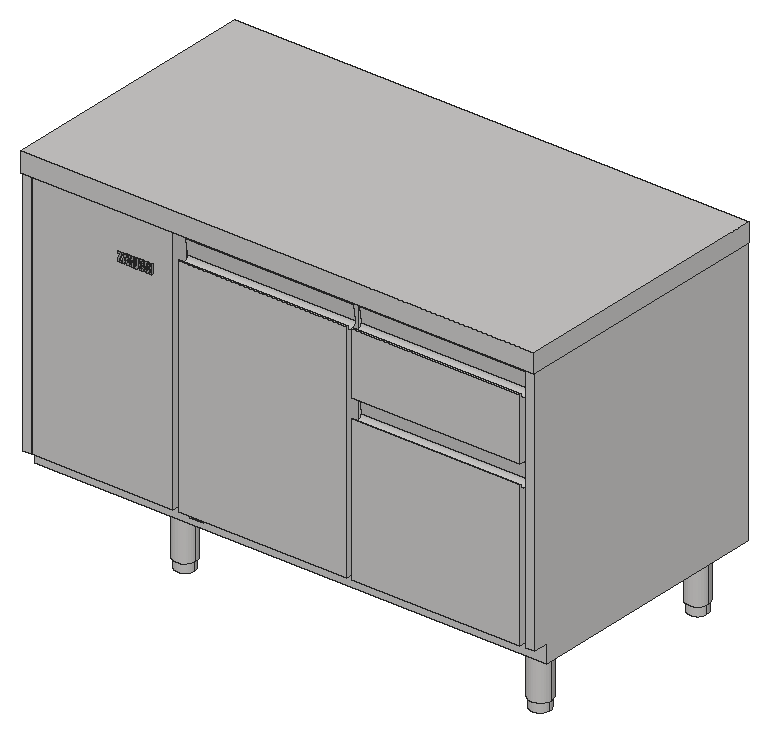
Revit family "QF_ZANUSSI_111029_ZH2HBAD", category Specialty Equipment, Revit 2018 (continued)
Definition of nested family "ZAN_Cooling Unit"
  Lines and regions (mm)
    Split face 124
      outline origin (55.016, 2, -233.126) x (0, 0, 1) y (-1, 0, 0)
        loop
          arc (502.647, 116.535) -> (506.648, 112.533) -> (510.649, 116.535) r 4.001
          line (510.649, 116.535) -> (510.649, 158.547)
    Split face 125
      outline origin (55.016, 2, -245.129) x (0, 0, 1) y (-1, 0, 0)
        loop
          arc (510.649, 158.547) -> (506.648, 162.548) -> (502.647, 158.547) r 4.001
          line (502.647, 158.547) -> (502.647, 116.535)
          arc (502.647, 116.535) -> (506.648, 112.533) -> (510.649, 116.535) r 4.001
          line (510.649, 116.535) -> (510.649, 158.547)
    Split face 126
      outline origin (55.016, 2, -257.133) x (0, 0, 1) y (-1, 0, 0)
        loop
          arc (510.649, 158.547) -> (506.648, 162.548) -> (502.647, 158.547) r 4.001
          line (502.647, 158.547) -> (502.647, 116.535)
          arc (502.647, 116.535) -> (506.648, 112.533) -> (510.649, 116.535) r 4.001
          line (510.649, 116.535) -> (510.649, 158.547)
    Split face 127
      outline origin (55.016, 2, -269.136) x (0, 0, 1) y (-1, 0, 0)
        loop
          arc (510.649, 158.547) -> (506.648, 162.548) -> (502.647, 158.547) r 4.001
          line (502.647, 158.547) -> (502.647, 116.535)
          arc (502.647, 116.535) -> (506.648, 112.533) -> (510.649, 116.535) r 4.001
          line (510.649, 116.535) -> (510.649, 158.547)
    Split face 128
      outline origin (55.016, 2, -281.14) x (0, 0, 1) y (-1, 0, 0)
        loop
          arc (510.649, 158.547) -> (506.648, 162.548) -> (502.647, 158.547) r 4.001
          line (502.647, 158.547) -> (502.647, 116.535)
          arc (502.647, 116.535) -> (506.648, 112.533) -> (510.649, 116.535) r 4.001
          line (510.649, 116.535) -> (510.649, 158.547)
    Split face 129
      outline origin (55.016, 2, -293.144) x (0, 0, 1) y (-1, 0, 0)
        loop
          arc (510.649, 158.547) -> (506.648, 162.548) -> (502.647, 158.547) r 4.001
          line (502.647, 158.547) -> (502.647, 116.535)
          arc (502.647, 116.535) -> (506.648, 112.533) -> (510.649, 116.535) r 4.001
          line (510.649, 116.535) -> (510.649, 158.547)
    Split face 130
      outline origin (110.032, 2, -113.091) x (0, 0, 1) y (-1, 0, 0)
        loop
          arc (510.649, 158.547) -> (506.648, 162.548) -> (502.647, 158.547) r 4.001
          line (502.647, 158.547) -> (502.647, 116.535)
          arc (502.647, 116.535) -> (506.648, 112.533) -> (510.649, 116.535) r 4.001
          line (510.649, 116.535) -> (510.649, 158.547)
    Split face 131
      outline origin (110.032, 2, -125.094) x (0, 0, 1) y (-1, 0, 0)
        loop
          arc (510.649, 158.547) -> (506.648, 162.548) -> (502.647, 158.547) r 4.001
          line (502.647, 158.547) -> (502.647, 116.535)
          arc (502.647, 116.535) -> (506.648, 112.533) -> (510.649, 116.535) r 4.001
          line (510.649, 116.535) -> (510.649, 158.547)
    Split face 132
      outline origin (110.032, 2, -137.098) x (0, 0, 1) y (-1, 0, 0)
        loop
          arc (510.649, 158.547) -> (506.648, 162.548) -> (502.647, 158.547) r 4.001
          line (502.647, 158.547) -> (502.647, 116.535)
          arc (502.647, 116.535) -> (506.648, 112.533) -> (510.649, 116.535) r 4.001
          line (510.649, 116.535) -> (510.649, 158.547)
    Split face 133
      outline origin (110.032, 2, -149.101) x (0, 0, 1) y (-1, 0, 0)
        loop
          arc (510.649, 158.547) -> (506.648, 162.548) -> (502.647, 158.547) r 4.001
          line (502.647, 158.547) -> (502.647, 116.535)
          arc (502.647, 116.535) -> (506.648, 112.533) -> (510.649, 116.535) r 4.001
          line (510.649, 116.535) -> (510.649, 158.547)
    Split face 134
      outline origin (110.032, 2, -161.105) x (0, 0, 1) y (-1, 0, 0)
        loop
          arc (510.649, 158.547) -> (506.648, 162.548) -> (502.647, 158.547) r 4.001
          line (502.647, 158.547) -> (502.647, 116.535)
          arc (502.647, 116.535) -> (506.648, 112.533) -> (510.649, 116.535) r 4.001
          line (510.649, 116.535) -> (510.649, 158.547)
    Split face 135
      outline origin (110.032, 2, -173.108) x (0, 0, 1) y (-1, 0, 0)
        loop
          arc (510.649, 158.547) -> (506.648, 162.548) -> (502.647, 158.547) r 4.001
          line (502.647, 158.547) -> (502.647, 116.535)
          arc (502.647, 116.535) -> (506.648, 112.533) -> (510.649, 116.535) r 4.001
          line (510.649, 116.535) -> (510.649, 158.547)
    Split face 136
      outline origin (110.032, 2, -185.112) x (0, 0, 1) y (-1, 0, 0)
        loop
          arc (510.649, 158.547) -> (506.648, 162.548) -> (502.647, 158.547) r 4.001
          line (502.647, 158.547) -> (502.647, 116.535)
          arc (502.647, 116.535) -> (506.648, 112.533) -> (510.649, 116.535) r 4.001
          line (510.649, 116.535) -> (510.649, 158.547)
    Split face 137
      outline origin (110.032, 2, -197.115) x (0, 0, 1) y (-1, 0, 0)
        loop
          arc (510.649, 158.547) -> (506.648, 162.548) -> (502.647, 158.547) r 4.001
          line (502.647, 158.547) -> (502.647, 116.535)
          arc (502.647, 116.535) -> (506.648, 112.533) -> (510.649, 116.535) r 4.001
          line (510.649, 116.535) -> (510.649, 158.547)
    Split face 138
      outline origin (110.032, 2, -209.119) x (0, 0, 1) y (-1, 0, 0)
        loop
          arc (510.649, 158.547) -> (506.648, 162.548) -> (502.647, 158.547) r 4.001
          line (502.647, 158.547) -> (502.647, 116.535)
          arc (502.647, 116.535) -> (506.648, 112.533) -> (510.649, 116.535) r 4.001
          line (510.649, 116.535) -> (510.649, 158.547)
    Split face 139
      outline origin (110.032, 2, -221.122) x (0, 0, 1) y (-1, 0, 0)
        loop
          arc (510.649, 158.547) -> (506.648, 162.548) -> (502.647, 158.547) r 4.001
          line (502.647, 158.547) -> (502.647, 116.535)
          arc (502.647, 116.535) -> (506.648, 112.533) -> (510.649, 116.535) r 4.001
          line (510.649, 116.535) -> (510.649, 158.547)
    Split face 140
      outline origin (110.032, 2, -233.126) x (0, 0, 1) y (-1, 0, 0)
        loop
          arc (510.649, 158.547) -> (506.648, 162.548) -> (502.647, 158.547) r 4.001
          line (502.647, 158.547) -> (502.647, 116.535)
          arc (502.647, 116.535) -> (506.648, 112.533) -> (510.649, 116.535) r 4.001
          line (510.649, 116.535) -> (510.649, 158.547)
    Split face 141
      outline origin (110.032, 2, -245.129) x (0, 0, 1) y (-1, 0, 0)
        loop
          arc (510.649, 158.547) -> (506.648, 162.548) -> (502.647, 158.547) r 4.001
          line (502.647, 158.547) -> (502.647, 116.535)
          arc (502.647, 116.535) -> (506.648, 112.533) -> (510.649, 116.535) r 4.001
          line (510.649, 116.535) -> (510.649, 158.547)
    Split face 142
      outline origin (110.032, 2, -257.133) x (0, 0, 1) y (-1, 0, 0)
        loop
          arc (510.649, 158.547) -> (506.648, 162.548) -> (502.647, 158.547) r 4.001
          line (502.647, 158.547) -> (502.647, 116.535)
          arc (502.647, 116.535) -> (506.648, 112.533) -> (510.649, 116.535) r 4.001
          line (510.649, 116.535) -> (510.649, 158.547)
    Split face 143
      outline origin (110.032, 2, -269.136) x (0, 0, 1) y (-1, 0, 0)
        loop
          arc (510.649, 158.547) -> (506.648, 162.548) -> (502.647, 158.547) r 4.001
          line (502.647, 158.547) -> (502.647, 116.535)
          arc (502.647, 116.535) -> (506.648, 112.533) -> (510.649, 116.535) r 4.001
          line (510.649, 116.535) -> (510.649, 158.547)
    Split face 144
      outline origin (110.032, 2, -281.14) x (0, 0, 1) y (-1, 0, 0)
        loop
          arc (510.649, 158.547) -> (506.648, 162.548) -> (502.647, 158.547) r 4.001
          line (502.647, 158.547) -> (502.647, 116.535)
          arc (502.647, 116.535) -> (506.648, 112.533) -> (510.649, 116.535) r 4.001
          line (510.649, 116.535) -> (510.649, 158.547)
    Split face 145
      outline origin (110.032, 2, -293.144) x (0, 0, 1) y (-1, 0, 0)
        loop
          arc (510.649, 158.547) -> (506.648, 162.548) -> (502.647, 158.547) r 4.001
          line (502.647, 158.547) -> (502.647, 116.535)
          arc (502.647, 116.535) -> (506.648, 112.533) -> (510.649, 116.535) r 4.001
          line (510.649, 116.535) -> (510.649, 158.547)
    Split face 146
      outline origin (165.048, 2, -113.091) x (0, 0, 1) y (-1, 0, 0)
        loop
          arc (510.649, 158.547) -> (506.648, 162.548) -> (502.647, 158.547) r 4.001
          line (502.647, 158.547) -> (502.647, 116.535)
          arc (502.647, 116.535) -> (506.648, 112.533) -> (510.649, 116.535) r 4.001
          line (510.649, 116.535) -> (510.649, 158.547)
    Split face 147
      outline origin (165.048, 2, -125.094) x (0, 0, 1) y (-1, 0, 0)
        loop
          arc (510.649, 158.547) -> (506.648, 162.548) -> (502.647, 158.547) r 4.001
          line (502.647, 158.547) -> (502.647, 116.535)
          arc (502.647, 116.535) -> (506.648, 112.533) -> (510.649, 116.535) r 4.001
          line (510.649, 116.535) -> (510.649, 158.547)
    Split face 148
      outline origin (165.048, 2, -137.098) x (0, 0, 1) y (-1, 0, 0)
        loop
          arc (510.649, 158.547) -> (506.648, 162.548) -> (502.647, 158.547) r 4.001
          line (502.647, 158.547) -> (502.647, 116.535)
          arc (502.647, 116.535) -> (506.648, 112.533) -> (510.649, 116.535) r 4.001
          line (510.649, 116.535) -> (510.649, 158.547)
    Split face 149
      outline origin (165.048, 2, -149.101) x (0, 0, 1) y (-1, 0, 0)
        loop
          arc (510.649, 158.547) -> (506.648, 162.548) -> (502.647, 158.547) r 4.001
          line (502.647, 158.547) -> (502.647, 116.535)
          arc (502.647, 116.535) -> (506.648, 112.533) -> (510.649, 116.535) r 4.001
          line (510.649, 116.535) -> (510.649, 158.547)
    Split face 150
      outline origin (165.048, 2, -161.105) x (0, 0, 1) y (-1, 0, 0)
        loop
          arc (510.649, 158.547) -> (506.648, 162.548) -> (502.647, 158.547) r 4.001
          line (502.647, 158.547) -> (502.647, 116.535)
          arc (502.647, 116.535) -> (506.648, 112.533) -> (510.649, 116.535) r 4.001
          line (510.649, 116.535) -> (510.649, 158.547)
    Split face 151
      outline origin (165.048, 2, -173.108) x (0, 0, 1) y (-1, 0, 0)
        loop
          arc (510.649, 158.547) -> (506.648, 162.548) -> (502.647, 158.547) r 4.001
          line (502.647, 158.547) -> (502.647, 116.535)
          arc (502.647, 116.535) -> (506.648, 112.533) -> (510.649, 116.535) r 4.001
          line (510.649, 116.535) -> (510.649, 158.547)
    Split face 152
      outline origin (165.048, 2, -185.112) x (0, 0, 1) y (-1, 0, 0)
        loop
          arc (510.649, 158.547) -> (506.648, 162.548) -> (502.647, 158.547) r 4.001
          line (502.647, 158.547) -> (502.647, 116.535)
          arc (502.647, 116.535) -> (506.648, 112.533) -> (510.649, 116.535) r 4.001
          line (510.649, 116.535) -> (510.649, 158.547)
    Split face 153
      outline origin (165.048, 2, -197.115) x (0, 0, 1) y (-1, 0, 0)
        loop
          arc (510.649, 158.547) -> (506.648, 162.548) -> (502.647, 158.547) r 4.001
          line (502.647, 158.547) -> (502.647, 116.535)
          arc (502.647, 116.535) -> (506.648, 112.533) -> (510.649, 116.535) r 4.001
          line (510.649, 116.535) -> (510.649, 158.547)
    Split face 154
      outline origin (165.048, 2, -209.119) x (0, 0, 1) y (-1, 0, 0)
        loop
          arc (510.649, 158.547) -> (506.648, 162.548) -> (502.647, 158.547) r 4.001
          line (502.647, 158.547) -> (502.647, 116.535)
          arc (502.647, 116.535) -> (506.648, 112.533) -> (510.649, 116.535) r 4.001
          line (510.649, 116.535) -> (510.649, 158.547)
    Split face 155
      outline origin (165.048, 2, -221.122) x (0, 0, 1) y (-1, 0, 0)
        loop
          arc (510.649, 158.547) -> (506.648, 162.548) -> (502.647, 158.547) r 4.001
          line (502.647, 158.547) -> (502.647, 116.535)
          arc (502.647, 116.535) -> (506.648, 112.533) -> (510.649, 116.535) r 4.001
          line (510.649, 116.535) -> (510.649, 158.547)
    Split face 156
      outline origin (165.048, 2, -233.126) x (0, 0, 1) y (-1, 0, 0)
        loop
          arc (510.649, 158.547) -> (506.648, 162.548) -> (502.647, 158.547) r 4.001
          line (502.647, 158.547) -> (502.647, 116.535)
          arc (502.647, 116.535) -> (506.648, 112.533) -> (510.649, 116.535) r 4.001
          line (510.649, 116.535) -> (510.649, 158.547)
    Split face 157
      outline origin (165.048, 2, -245.129) x (0, 0, 1) y (-1, 0, 0)
        loop
          arc (510.649, 158.547) -> (506.648, 162.548) -> (502.647, 158.547) r 4.001
          line (502.647, 158.547) -> (502.647, 116.535)
          arc (502.647, 116.535) -> (506.648, 112.533) -> (510.649, 116.535) r 4.001
          line (510.649, 116.535) -> (510.649, 158.547)
    Split face 158
      outline origin (165.048, 2, -257.133) x (0, 0, 1) y (-1, 0, 0)
        loop
          arc (510.649, 158.547) -> (506.648, 162.548) -> (502.647, 158.547) r 4.001
          line (502.647, 158.547) -> (502.647, 116.535)
          arc (502.647, 116.535) -> (506.648, 112.533) -> (510.649, 116.535) r 4.001
          line (510.649, 116.535) -> (510.649, 158.547)
    Split face 159
      outline origin (165.048, 2, -269.136) x (0, 0, 1) y (-1, 0, 0)
        loop
          arc (510.649, 158.547) -> (506.648, 162.548) -> (502.647, 158.547) r 4.001
          line (502.647, 158.547) -> (502.647, 116.535)
          arc (502.647, 116.535) -> (506.648, 112.533) -> (510.649, 116.535) r 4.001
          line (510.649, 116.535) -> (510.649, 158.547)
    Split face 160
      outline origin (165.048, 2, -281.14) x (0, 0, 1) y (-1, 0, 0)
        loop
          arc (510.649, 158.547) -> (506.648, 162.548) -> (502.647, 158.547) r 4.001
          line (502.647, 158.547) -> (502.647, 116.535)
          arc (502.647, 116.535) -> (506.648, 112.533) -> (510.649, 116.535) r 4.001
          line (510.649, 116.535) -> (510.649, 158.547)
    Split face 161
      outline origin (165.048, 2, -293.144) x (0, 0, 1) y (-1, 0, 0)
        loop
          arc (510.649, 158.547) -> (506.648, 162.548) -> (502.647, 158.547) r 4.001
          line (502.647, 158.547) -> (502.647, 116.535)
          arc (502.647, 116.535) -> (506.648, 112.533) -> (510.649, 116.535) r 4.001
          line (510.649, 116.535) -> (510.649, 158.547)
    Split face 162
      outline origin (220.064, 2, -113.091) x (0, 0, 1) y (-1, 0, 0)
        loop
          arc (510.649, 158.547) -> (506.648, 162.548) -> (502.647, 158.547) r 4.001
          line (502.647, 158.547) -> (502.647, 116.535)
          arc (502.647, 116.535) -> (506.648, 112.533) -> (510.649, 116.535) r 4.001
          line (510.649, 116.535) -> (510.649, 158.547)
    Split face 163
      outline origin (220.064, 2, -125.094) x (0, 0, 1) y (-1, 0, 0)
        loop
          arc (510.649, 158.547) -> (506.648, 162.548) -> (502.647, 158.547) r 4.001
          line (502.647, 158.547) -> (502.647, 116.535)
          arc (502.647, 116.535) -> (506.648, 112.533) -> (510.649, 116.535) r 4.001
          line (510.649, 116.535) -> (510.649, 158.547)
    Split face 164
      outline origin (220.064, 2, -137.098) x (0, 0, 1) y (-1, 0, 0)
        loop
          arc (510.649, 158.547) -> (506.648, 162.548) -> (502.647, 158.547) r 4.001
          line (502.647, 158.547) -> (502.647, 116.535)
          arc (502.647, 116.535) -> (506.648, 112.533) -> (510.649, 116.535) r 4.001
          line (510.649, 116.535) -> (510.649, 158.547)
    Split face 165
      outline origin (220.064, 2, -149.101) x (0, 0, 1) y (-1, 0, 0)
        loop
          arc (510.649, 158.547) -> (506.648, 162.548) -> (502.647, 158.547) r 4.001
          line (502.647, 158.547) -> (502.647, 116.535)
          arc (502.647, 116.535) -> (506.648, 112.533) -> (510.649, 116.535) r 4.001
          line (510.649, 116.535) -> (510.649, 158.547)
    Split face 166
      outline origin (220.064, 2, -161.105) x (0, 0, 1) y (-1, 0, 0)
        loop
          arc (510.649, 158.547) -> (506.648, 162.548) -> (502.647, 158.547) r 4.001
          line (502.647, 158.547) -> (502.647, 116.535)
          arc (502.647, 116.535) -> (506.648, 112.533) -> (510.649, 116.535) r 4.001
          line (510.649, 116.535) -> (510.649, 158.547)
    Split face 167
      outline origin (220.064, 2, -173.108) x (0, 0, 1) y (-1, 0, 0)
        loop
          arc (510.649, 158.547) -> (506.648, 162.548) -> (502.647, 158.547) r 4.001
          line (502.647, 158.547) -> (502.647, 116.535)
          arc (502.647, 116.535) -> (506.648, 112.533) -> (510.649, 116.535) r 4.001
          line (510.649, 116.535) -> (510.649, 158.547)
    Split face 168
      outline origin (220.064, 2, -185.112) x (0, 0, 1) y (-1, 0, 0)
        loop
          arc (510.649, 158.547) -> (506.648, 162.548) -> (502.647, 158.547) r 4.001
          line (502.647, 158.547) -> (502.647, 116.535)
          arc (502.647, 116.535) -> (506.648, 112.533) -> (510.649, 116.535) r 4.001
          line (510.649, 116.535) -> (510.649, 158.547)
    Split face 169
      outline origin (220.064, 2, -197.115) x (0, 0, 1) y (-1, 0, 0)
        loop
          arc (510.649, 158.547) -> (506.648, 162.548) -> (502.647, 158.547) r 4.001
          line (502.647, 158.547) -> (502.647, 116.535)
          arc (502.647, 116.535) -> (506.648, 112.533) -> (510.649, 116.535) r 4.001
          line (510.649, 116.535) -> (510.649, 158.547)
    Split face 170
      outline origin (220.064, 2, -209.119) x (0, 0, 1) y (-1, 0, 0)
        loop
          arc (510.649, 158.547) -> (506.648, 162.548) -> (502.647, 158.547) r 4.001
          line (502.647, 158.547) -> (502.647, 116.535)
          arc (502.647, 116.535) -> (506.648, 112.533) -> (510.649, 116.535) r 4.001
          line (510.649, 116.535) -> (510.649, 158.547)
    Split face 171
      outline origin (220.064, 2, -221.122) x (0, 0, 1) y (-1, 0, 0)
        loop
          arc (510.649, 158.547) -> (506.648, 162.548) -> (502.647, 158.547) r 4.001
          line (502.647, 158.547) -> (502.647, 116.535)
          arc (502.647, 116.535) -> (506.648, 112.533) -> (510.649, 116.535) r 4.001
          line (510.649, 116.535) -> (510.649, 158.547)
    Split face 172
      outline origin (220.064, 2, -233.126) x (0, 0, 1) y (-1, 0, 0)
        loop
          arc (510.649, 158.547) -> (506.648, 162.548) -> (502.647, 158.547) r 4.001
          line (502.647, 158.547) -> (502.647, 116.535)
          arc (502.647, 116.535) -> (506.648, 112.533) -> (510.649, 116.535) r 4.001
          line (510.649, 116.535) -> (510.649, 158.547)
    Split face 173
      outline origin (220.064, 2, -245.129) x (0, 0, 1) y (-1, 0, 0)
        loop
          arc (510.649, 158.547) -> (506.648, 162.548) -> (502.647, 158.547) r 4.001
          line (502.647, 158.547) -> (502.647, 116.535)
          arc (502.647, 116.535) -> (506.648, 112.533) -> (510.649, 116.535) r 4.001
          line (510.649, 116.535) -> (510.649, 158.547)
    Split face 174
      outline origin (220.064, 2, -257.133) x (0, 0, 1) y (-1, 0, 0)
        loop
          arc (510.649, 158.547) -> (506.648, 162.548) -> (502.647, 158.547) r 4.001
          line (502.647, 158.547) -> (502.647, 116.535)
          arc (502.647, 116.535) -> (506.648, 112.533) -> (510.649, 116.535) r 4.001
          line (510.649, 116.535) -> (510.649, 158.547)
    Split face 175
      outline origin (220.064, 2, -269.136) x (0, 0, 1) y (-1, 0, 0)
        loop
          arc (510.649, 158.547) -> (506.648, 162.548) -> (502.647, 158.547) r 4.001
          line (502.647, 158.547) -> (502.647, 116.535)
          arc (502.647, 116.535) -> (506.648, 112.533) -> (510.649, 116.535) r 4.001
          line (510.649, 116.535) -> (510.649, 158.547)
    Split face 176
      outline origin (220.064, 2, -281.14) x (0, 0, 1) y (-1, 0, 0)
        loop
          arc (510.649, 158.547) -> (506.648, 162.548) -> (502.647, 158.547) r 4.001
          line (502.647, 158.547) -> (502.647, 116.535)
          arc (502.647, 116.535) -> (506.648, 112.533) -> (510.649, 116.535) r 4.001
          line (510.649, 116.535) -> (510.649, 158.547)
    Split face 177
      outline origin (220.064, 2, -293.144) x (0, 0, 1) y (-1, 0, 0)
        loop
          arc (510.649, 158.547) -> (506.648, 162.548) -> (502.647, 158.547) r 4.001
          line (502.647, 158.547) -> (502.647, 116.535)
          arc (502.647, 116.535) -> (506.648, 112.533) -> (510.649, 116.535) r 4.001
          line (510.649, 116.535) -> (510.649, 158.547)
    Split face 178
      outline origin (275.081, 2, -113.091) x (0, 0, 1) y (-1, 0, 0)
        loop
          arc (510.649, 158.547) -> (506.648, 162.548) -> (502.647, 158.547) r 4.001
          line (502.647, 158.547) -> (502.647, 116.535)
          arc (502.647, 116.535) -> (506.648, 112.533) -> (510.649, 116.535) r 4.001
          line (510.649, 116.535) -> (510.649, 158.547)
    Split face 179
      outline origin (275.081, 2, -125.094) x (0, 0, 1) y (-1, 0, 0)
        loop
          arc (510.649, 158.547) -> (506.648, 162.548) -> (502.647, 158.547) r 4.001
          line (502.647, 158.547) -> (502.647, 116.535)
          arc (502.647, 116.535) -> (506.648, 112.533) -> (510.649, 116.535) r 4.001
          line (510.649, 116.535) -> (510.649, 158.547)
    Split face 180
      outline origin (275.081, 2, -137.098) x (0, 0, 1) y (-1, 0, 0)
        loop
          arc (510.649, 158.547) -> (506.648, 162.548) -> (502.647, 158.547) r 4.001
          line (502.647, 158.547) -> (502.647, 116.535)
          arc (502.647, 116.535) -> (506.648, 112.533) -> (510.649, 116.535) r 4.001
          line (510.649, 116.535) -> (510.649, 158.547)
    Split face 181
      outline origin (275.081, 2, -149.101) x (0, 0, 1) y (-1, 0, 0)
        loop
          arc (510.649, 158.547) -> (506.648, 162.548) -> (502.647, 158.547) r 4.001
          line (502.647, 158.547) -> (502.647, 116.535)
          arc (502.647, 116.535) -> (506.648, 112.533) -> (510.649, 116.535) r 4.001
          line (510.649, 116.535) -> (510.649, 158.547)
    Split face 182
      outline origin (275.081, 2, -161.105) x (0, 0, 1) y (-1, 0, 0)
        loop
          arc (510.649, 158.547) -> (506.648, 162.548) -> (502.647, 158.547) r 4.001
          line (502.647, 158.547) -> (502.647, 116.535)
          arc (502.647, 116.535) -> (506.648, 112.533) -> (510.649, 116.535) r 4.001
          line (510.649, 116.535) -> (510.649, 158.547)
    Split face 183
      outline origin (275.081, 2, -173.108) x (0, 0, 1) y (-1, 0, 0)
        loop
          arc (510.649, 158.547) -> (506.648, 162.548) -> (502.647, 158.547) r 4.001
          line (502.647, 158.547) -> (502.647, 116.535)
          arc (502.647, 116.535) -> (506.648, 112.533) -> (510.649, 116.535) r 4.001
          line (510.649, 116.535) -> (510.649, 158.547)
    Split face 184
      outline origin (275.081, 2, -185.112) x (0, 0, 1) y (-1, 0, 0)
        loop
          arc (510.649, 158.547) -> (506.648, 162.548) -> (502.647, 158.547) r 4.001
          line (502.647, 158.547) -> (502.647, 116.535)
          arc (502.647, 116.535) -> (506.648, 112.533) -> (510.649, 116.535) r 4.001
          line (510.649, 116.535) -> (510.649, 158.547)
    Split face 185
      outline origin (275.081, 2, -197.115) x (0, 0, 1) y (-1, 0, 0)
        loop
          arc (510.649, 158.547) -> (506.648, 162.548) -> (502.647, 158.547) r 4.001
          line (502.647, 158.547) -> (502.647, 116.535)
          arc (502.647, 116.535) -> (506.648, 112.533) -> (510.649, 116.535) r 4.001
          line (510.649, 116.535) -> (510.649, 158.547)
    Split face 186
      outline origin (275.081, 2, -209.119) x (0, 0, 1) y (-1, 0, 0)
        loop
          arc (510.649, 158.547) -> (506.648, 162.548) -> (502.647, 158.547) r 4.001
          line (502.647, 158.547) -> (502.647, 116.535)
          arc (502.647, 116.535) -> (506.648, 112.533) -> (510.649, 116.535) r 4.001
          line (510.649, 116.535) -> (510.649, 158.547)
    Split face 187
      outline origin (275.081, 2, -221.122) x (0, 0, 1) y (-1, 0, 0)
        loop
          arc (510.649, 158.547) -> (506.648, 162.548) -> (502.647, 158.547) r 4.001
          line (502.647, 158.547) -> (502.647, 116.535)
          arc (502.647, 116.535) -> (506.648, 112.533) -> (510.649, 116.535) r 4.001
          line (510.649, 116.535) -> (510.649, 158.547)
    Split face 188
      outline origin (275.081, 2, -233.126) x (0, 0, 1) y (-1, 0, 0)
        loop
          arc (510.649, 158.547) -> (506.648, 162.548) -> (502.647, 158.547) r 4.001
          line (502.647, 158.547) -> (502.647, 116.535)
          arc (502.647, 116.535) -> (506.648, 112.533) -> (510.649, 116.535) r 4.001
          line (510.649, 116.535) -> (510.649, 158.547)
    Split face 189
      outline origin (275.081, 2, -245.129) x (0, 0, 1) y (-1, 0, 0)
        loop
          arc (510.649, 158.547) -> (506.648, 162.548) -> (502.647, 158.547) r 4.001
          line (502.647, 158.547) -> (502.647, 116.535)
          arc (502.647, 116.535) -> (506.648, 112.533) -> (510.649, 116.535) r 4.001
          line (510.649, 116.535) -> (510.649, 158.547)
    Split face 190
      outline origin (275.081, 2, -257.133) x (0, 0, 1) y (-1, 0, 0)
        loop
          arc (510.649, 158.547) -> (506.648, 162.548) -> (502.647, 158.547) r 4.001
          line (502.647, 158.547) -> (502.647, 116.535)
          arc (502.647, 116.535) -> (506.648, 112.533) -> (510.649, 116.535) r 4.001
          line (510.649, 116.535) -> (510.649, 158.547)
    Split face 191
      outline origin (275.081, 2, -269.136) x (0, 0, 1) y (-1, 0, 0)
        loop
          arc (510.649, 158.547) -> (506.648, 162.548) -> (502.647, 158.547) r 4.001
          line (502.647, 158.547) -> (502.647, 116.535)
          arc (502.647, 116.535) -> (506.648, 112.533) -> (510.649, 116.535) r 4.001
          line (510.649, 116.535) -> (510.649, 158.547)
    Split face 192
      outline origin (275.081, 2, -281.14) x (0, 0, 1) y (-1, 0, 0)
        loop
          arc (510.649, 158.547) -> (506.648, 162.548) -> (502.647, 158.547) r 4.001
          line (502.647, 158.547) -> (502.647, 116.535)
          arc (502.647, 116.535) -> (506.648, 112.533) -> (510.649, 116.535) r 4.001
          line (510.649, 116.535) -> (510.649, 158.547)
    Split face 193
      outline origin (275.081, 2, -293.144) x (0, 0, 1) y (-1, 0, 0)
        loop
          arc (510.649, 158.547) -> (506.648, 162.548) -> (502.647, 158.547) r 4.001
          line (502.647, 158.547) -> (502.647, 116.535)
          arc (502.647, 116.535) -> (506.648, 112.533) -> (510.649, 116.535) r 4.001
          line (510.649, 116.535) -> (510.649, 158.547)
    Split face 194
      outline origin (0, 2, 197) x (0, 0, 1) y (-1, 0, 0)
        loop
          spline (566.835, 20.381) -> (564.628, 19.058) -> (561.987, 18.027) -> (558.955, 17.386) -> (555.581, 17.244) -> (551.912, 17.703) -> (547.993, 18.863) -> (543.871, 20.83) -> (539.591, 23.706) -> (535.202, 27.594) -> (530.748, 32.597) -> (526.28, 38.824) -> (521.835, 46.362)
        loop
          spline (521.835, 58.392) -> (525.386, 49.242) -> (529.197, 41.481) -> (533.2, 35.023) -> (537.329, 29.786) -> (541.516, 25.684) -> (545.695, 22.634) -> (549.798, 20.552) -> (553.759, 19.355) -> (557.511, 18.958) -> (560.984, 19.275) -> (564.115, 20.227) -> (566.835, 21.726)
    Split face 195
      outline origin (0, 2, 197) x (0, 0, 1) y (-1, 0, 0)
        loop
          line (555.835, 149.5) -> (532.835, 149.5) -> (532.835, 94.5) -> (555.835, 94.5) -> (555.835, 149.5)
  Dimensions and locks
    aligned and locked: level to plane 2
  Nested families
    nested 1: "ZAN_Logo_S_Grey" at (85, 2, 741.213) x (1, 0, 0) z (0, -1, 0), visible <- "Show Logo", type "ZAN_Logo_S_Grey"
  Definition of nested family "ZAN_Logo_S_Grey"
    Parameters
      Default Elevation = 0 mm
    Reference planes
      plane 1 "Centro (Fronte/Retro)": y = 0
      plane 2: z = 0
      plane 3 "Centro (Sinistra/Destra)": x = 0
    Forms (mm)
      Extrusion 1, solid
        sketch origin (0, 0, 0) x (1, 0, 0) y (0, 1, 0)
          loop
            line (-1219.2, 1219.2) -> (-1219.2, -1219.2) -> (1219.2, -1219.2) -> (1219.2, 1219.2) -> (-1219.2, 1219.2)
        from 0 to -304.8
      Extrusion 2, solid
        sketch origin (17.793, -46.218, 0) x (-1, 0, 0) y (0, -1, 0)
          loop
            spline (-4.176, -58.079) -> (-3.496, -58.328) -> (-2.793, -58.512) -> (-2.075, -58.63) -> (-1.348, -58.682) -> (-0.619, -58.669) -> (0.106, -58.588) -> (0.818, -58.44) -> (1.512, -58.225) -> (2.18, -57.941) -> (2.817, -57.589) -> (3.414, -57.167) -> (3.966, -56.676)
            spline (3.966, -56.676) -> (4.293, -56.162) -> (4.575, -55.61) -> (4.81, -55.026) -> (5, -54.419) -> (5.146, -53.797) -> (5.247, -53.166) -> (5.304, -52.536) -> (5.318, -51.913) -> (5.288, -51.306) -> (5.217, -50.723) -> (5.103, -50.17) -> (4.949, -49.657)
            line (4.949, -49.657) -> (2.702, -46.428) -> (0.316, -44.323)
            spline (0.316, -44.323) -> (0.065, -44.115) -> (-0.195, -43.909) -> (-0.46, -43.704) -> (-0.729, -43.496) -> (-0.997, -43.282) -> (-1.263, -43.059) -> (-1.523, -42.825) -> (-1.774, -42.576) -> (-2.013, -42.309) -> (-2.238, -42.022) -> (-2.445, -41.712) -> (-2.632, -41.375)
            spline (-2.632, -41.375) -> (-2.666, -41.159) -> (-2.697, -40.934) -> (-2.722, -40.701) -> (-2.736, -40.465) -> (-2.736, -40.227) -> (-2.72, -39.989) -> (-2.682, -39.754) -> (-2.621, -39.524) -> (-2.533, -39.302) -> (-2.414, -39.091) -> (-2.261, -38.892) -> (-2.07, -38.708)
            line (-2.07, -38.708) -> (-0.245, -38.567)
            spline (-0.245, -38.567) -> (0.096, -38.8) -> (0.354, -39.074) -> (0.54, -39.381) -> (0.664, -39.716) -> (0.738, -40.073) -> (0.772, -40.445) -> (0.777, -40.825) -> (0.763, -41.208) -> (0.742, -41.588) -> (0.723, -41.957) -> (0.718, -42.309) -> (0.737, -42.638)
            line (0.737, -42.638) -> (5.65, -42.638)
            spline (5.65, -42.638) -> (5.708, -42.042) -> (5.741, -41.448) -> (5.747, -40.857) -> (5.723, -40.273) -> (5.668, -39.696) -> (5.58, -39.129) -> (5.457, -38.574) -> (5.297, -38.032) -> (5.098, -37.506) -> (4.857, -36.997) -> (4.574, -36.508) -> (4.247, -36.041)
            spline (4.247, -36.041) -> (3.844, -35.675) -> (3.409, -35.35) -> (2.946, -35.065) -> (2.458, -34.819) -> (1.949, -34.612) -> (1.421, -34.444) -> (0.88, -34.314) -> (0.326, -34.221) -> (-0.234, -34.165) -> (-0.8, -34.146) -> (-1.366, -34.163) -> (-1.93, -34.216)
            spline (-1.93, -34.216) -> (-2.526, -34.309) -> (-3.116, -34.448) -> (-3.695, -34.633) -> (-4.259, -34.861) -> (-4.801, -35.131) -> (-5.316, -35.444) -> (-5.799, -35.798) -> (-6.245, -36.191) -> (-6.648, -36.624) -> (-7.002, -37.095) -> (-7.303, -37.603) -> (-7.545, -38.146)
            spline (-7.545, -38.146) -> (-7.694, -38.815) -> (-7.792, -39.487) -> (-7.839, -40.158) -> (-7.836, -40.824) -> (-7.785, -41.482) -> (-7.685, -42.129) -> (-7.539, -42.762) -> (-7.347, -43.377) -> (-7.111, -43.97) -> (-6.83, -44.538) -> (-6.506, -45.078) -> (-6.141, -45.586)
            line (-6.141, -45.586) -> (-0.526, -50.64) -> (0.176, -51.482)
            spline (0.176, -51.482) -> (0.248, -51.66) -> (0.323, -51.843) -> (0.397, -52.03) -> (0.467, -52.22) -> (0.529, -52.412) -> (0.579, -52.605) -> (0.615, -52.798) -> (0.633, -52.989) -> (0.63, -53.179) -> (0.601, -53.366) -> (0.545, -53.55) -> (0.456, -53.728)
            spline (0.456, -53.728) -> (0.375, -53.892) -> (0.273, -54.034) -> (0.154, -54.155) -> (0.02, -54.258) -> (-0.126, -54.343) -> (-0.28, -54.412) -> (-0.441, -54.466) -> (-0.604, -54.508) -> (-0.767, -54.537) -> (-0.928, -54.556) -> (-1.082, -54.567) -> (-1.228, -54.57)
            line (-1.228, -54.57) -> (-2.632, -53.587) -> (-2.772, -50.64) -> (-7.405, -50.64)
            spline (-7.405, -50.64) -> (-7.41, -51.031) -> (-7.423, -51.432) -> (-7.44, -51.839) -> (-7.456, -52.251) -> (-7.469, -52.665) -> (-7.475, -53.079) -> (-7.468, -53.489) -> (-7.446, -53.894) -> (-7.404, -54.291) -> (-7.339, -54.679) -> (-7.247, -55.053) -> (-7.123, -55.412)
            spline (-7.123, -55.412) -> (-6.999, -55.693) -> (-6.837, -55.97) -> (-6.643, -56.244) -> (-6.422, -56.509) -> (-6.177, -56.765) -> (-5.913, -57.009) -> (-5.634, -57.238) -> (-5.346, -57.45) -> (-5.051, -57.643) -> (-4.755, -57.814) -> (-4.462, -57.96) -> (-4.176, -58.079)
          loop
            spline (-21.021, -55.552) -> (-20.633, -56.181) -> (-20.177, -56.736) -> (-19.661, -57.217) -> (-19.092, -57.627) -> (-18.478, -57.966) -> (-17.827, -58.237) -> (-17.147, -58.441) -> (-16.446, -58.578) -> (-15.73, -58.652) -> (-15.009, -58.662) -> (-14.29, -58.611) -> (-13.581, -58.5)
            spline (-13.581, -58.5) -> (-13.088, -58.407) -> (-12.595, -58.269) -> (-12.109, -58.088) -> (-11.636, -57.866) -> (-11.183, -57.605) -> (-10.756, -57.307) -> (-10.361, -56.974) -> (-10.004, -56.608) -> (-9.692, -56.211) -> (-9.431, -55.784) -> (-9.228, -55.33) -> (-9.089, -54.851)
            spline (-9.089, -54.851) -> (-8.873, -54.211) -> (-8.715, -53.559) -> (-8.615, -52.901) -> (-8.574, -52.241) -> (-8.592, -51.585) -> (-8.668, -50.938) -> (-8.802, -50.306) -> (-8.995, -49.693) -> (-9.247, -49.106) -> (-9.557, -48.55) -> (-9.925, -48.03) -> (-10.352, -47.551)
            line (-10.352, -47.551) -> (-15.546, -42.919) -> (-16.669, -41.234)
            spline (-16.669, -41.234) -> (-16.704, -41.021) -> (-16.735, -40.804) -> (-16.761, -40.583) -> (-16.778, -40.361) -> (-16.784, -40.139) -> (-16.774, -39.919) -> (-16.748, -39.701) -> (-16.7, -39.488) -> (-16.63, -39.28) -> (-16.533, -39.08) -> (-16.406, -38.889) -> (-16.248, -38.708)
            line (-16.248, -38.708) -> (-14.844, -38.427)
            spline (-14.844, -38.427) -> (-14.347, -38.545) -> (-13.969, -38.749) -> (-13.695, -39.028) -> (-13.508, -39.368) -> (-13.393, -39.757) -> (-13.335, -40.182) -> (-13.318, -40.63) -> (-13.326, -41.089) -> (-13.344, -41.546) -> (-13.356, -41.988) -> (-13.347, -42.403) -> (-13.3, -42.779)
            line (-13.3, -42.779) -> (-8.387, -42.638)
            spline (-8.387, -42.638) -> (-8.326, -42.034) -> (-8.288, -41.417) -> (-8.277, -40.794) -> (-8.299, -40.169) -> (-8.357, -39.548) -> (-8.457, -38.936) -> (-8.604, -38.339) -> (-8.803, -37.762) -> (-9.058, -37.21) -> (-9.375, -36.689) -> (-9.758, -36.204) -> (-10.212, -35.76)
            spline (-10.212, -35.76) -> (-10.793, -35.336) -> (-11.409, -34.976) -> (-12.054, -34.679) -> (-12.723, -34.445) -> (-13.409, -34.273) -> (-14.107, -34.163) -> (-14.811, -34.115) -> (-15.515, -34.127) -> (-16.213, -34.2) -> (-16.899, -34.333) -> (-17.568, -34.526) -> (-18.213, -34.777)
            spline (-18.213, -34.777) -> (-18.496, -34.897) -> (-18.783, -35.044) -> (-19.071, -35.216) -> (-19.357, -35.412) -> (-19.639, -35.629) -> (-19.915, -35.865) -> (-20.182, -36.119) -> (-20.438, -36.389) -> (-20.681, -36.672) -> (-20.907, -36.967) -> (-21.115, -37.272) -> (-21.301, -37.585)
            spline (-21.301, -37.585) -> (-21.55, -38.26) -> (-21.734, -38.948) -> (-21.854, -39.647) -> (-21.91, -40.351) -> (-21.901, -41.057) -> (-21.828, -41.761) -> (-21.69, -42.459) -> (-21.489, -43.148) -> (-21.222, -43.823) -> (-20.892, -44.48) -> (-20.497, -45.116) -> (-20.038, -45.726)
            line (-20.038, -45.726) -> (-14.142, -51.061) -> (-13.44, -52.886) -> (-14.002, -54.289) -> (-15.265, -54.57) -> (-16.669, -53.587) -> (-16.81, -50.78) -> (-21.582, -50.64)
            spline (-21.582, -50.64) -> (-21.558, -51.063) -> (-21.55, -51.491) -> (-21.554, -51.92) -> (-21.561, -52.35) -> (-21.567, -52.778) -> (-21.565, -53.201) -> (-21.547, -53.619) -> (-21.509, -54.029) -> (-21.444, -54.43) -> (-21.345, -54.818) -> (-21.206, -55.193) -> (-21.021, -55.552)
          loop
            line (-22.424, -34.216) -> (-27.337, -34.216) -> (-27.337, -58.22) -> (-22.424, -58.22) -> (-22.424, -34.216)
          loop
            line (14.213, -39.971) -> (14.213, -58.22) -> (19.126, -58.22) -> (19.126, -42.077) -> (18.845, -38.146) -> (18.424, -37.164) -> (17.442, -35.9) -> (16.459, -35.199) -> (14.494, -34.356) -> (13.511, -34.216) -> (11.265, -34.216) -> (10.142, -34.497) -> (8.458, -35.479) -> (6.493, -38.287) -> (6.352, -39.269) -> (6.352, -58.22) -> (11.265, -58.22) -> (11.265, -40.392) -> (11.827, -39.129) -> (13.371, -38.988) -> (14.213, -39.971)
          loop
            line (20.249, -58.22) -> (24.741, -58.22) -> (24.741, -42.919) -> (28.812, -58.22) -> (34.006, -58.22) -> (34.006, -34.216) -> (29.654, -34.216) -> (29.654, -50.078) -> (25.583, -34.216) -> (20.249, -34.216) -> (20.249, -58.22)
          loop
            line (50.149, -58.22) -> (62.361, -58.22) -> (62.361, -53.728) -> (55.904, -53.868) -> (62.923, -39.129) -> (62.923, -34.216) -> (50.149, -34.216) -> (50.149, -39.129) -> (57.517, -39.129) -> (50.149, -54.149) -> (50.149, -58.22)
          loop
            line (38.778, -58.22) -> (45.516, -58.22) -> (49.868, -34.216) -> (44.814, -34.216) -> (44.113, -38.848) -> (40.042, -38.848) -> (39.34, -34.216) -> (34.286, -34.216) -> (38.778, -58.22)
          loop
            line (43.551, -43.2) -> (40.744, -43.2) -> (42.147, -54.117) -> (43.551, -43.2)
        from 0 to 1.644
    Dimensions and locks
      aligned and locked: plane 2 to Extrusion 1
      aligned and locked: level to Extrusion 1
Definition of nested family "Refrigerator"
  Reference planes
    plane 1 "Center (Front/Back)": y = 0
    plane 2: z = 0
    plane 3 "Center (Left/Right)": x = 0
  Lines and regions (mm)
    detail lines, in view "Ref. Level"
      curve 1: spline (-500, 190, 0) -> (-493.185, 166.706, 0) -> (-473.205, 145, 0) -> (-441.421, 126.36, 0) -> (-400, 112.058, 0) -> (-351.764, 103.067, 0) -> (-300, 100, 0) -> (-248.236, 103.067, 0) -> (-200, 112.058, 0) -> (-158.579, 126.36, 0) -> (-126.795, 145, 0) -> (-106.815, 166.706, 0) -> (-100, 190, 0) -> (-106.815, 213.294, 0) -> (-126.795, 235, 0) -> (-158.579, 253.64, 0) -> (-200, 267.942, 0) -> (-248.236, 276.933, 0) -> (-300, 280, 0) -> (-351.764, 276.933, 0) -> (-400, 267.942, 0) -> (-441.421, 253.64, 0) -> (-473.205, 235, 0) -> (-493.185, 213.294, 0) -> (-500, 190, 0)
      curve 2: line (-300, 130, 0) -> (-300, 250, 0)
      curve 3: line (-351.962, 220, 0) -> (-248.038, 160, 0)
      curve 4: line (-351.962, 160, 0) -> (-248.038, 220, 0)
      curve 5: line (-280.884, 246.873, 0) -> (-300, 225, 0)
      curve 6: line (-300, 225, 0) -> (-319.116, 246.873, 0)
      curve 7: line (-330.311, 207.5, 0) -> (-339.696, 234.992, 0)
      curve 8: line (-358.812, 201.882, 0) -> (-330.311, 207.5, 0)
      curve 9: line (-330.311, 172.5, 0) -> (-358.812, 178.118, 0)
      curve 10: line (-339.696, 145.008, 0) -> (-330.311, 172.5, 0)
      curve 11: line (-300, 155, 0) -> (-319.116, 133.127, 0)
      curve 12: line (-280.884, 133.127, 0) -> (-300, 155, 0)
      curve 13: line (-269.689, 172.5, 0) -> (-260.304, 145.008, 0)
      curve 14: line (-241.188, 178.118, 0) -> (-269.689, 172.5, 0)
      curve 15: line (-269.689, 207.5, 0) -> (-241.188, 201.882, 0)
      curve 16: line (-260.304, 234.992, 0) -> (-269.689, 207.5, 0)
